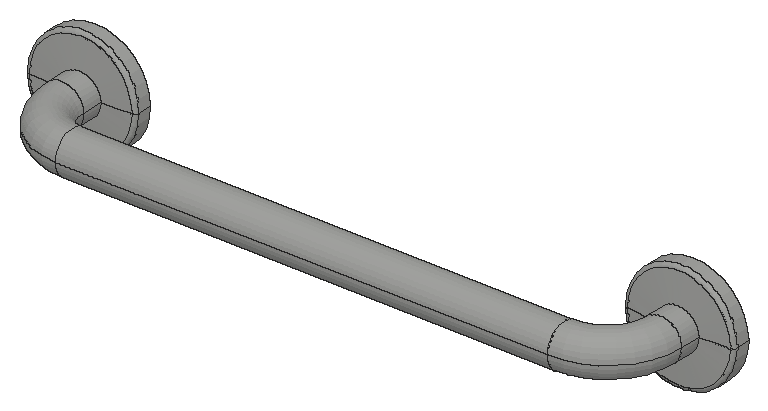
Revit family "RBA4806-Straight-Series", category Plumbing Fixtures, Revit 2021
Family settings
  Round Connector Dimension = Use Diameter
  Part Type = Normal
  Work Plane-Based = No
  Always vertical = Yes
  Cut with Voids When Loaded = No
  Shared = No
  Room Calculation Point = No
Parameters (values of type "RBA4806-045")
  Watermarked By = "www.rba.com.au"
  URL = "www.rba.com.au"
  Phone Number = ""
  OFFSET [instance] = 800 mm
  Modified Issue = "20191004.01"
  Model = "RBA4000-045"
  Materials and Finishes = Brushed Gunmetal
  Manufacturer = "RBA Group"  # constant formula
  Lgth = 450 mm
  Diameter = 32 mm
  Description = "Straight Grab Rail 450mm"
  Default Elevation = 0 mm
  Copyright by = "RBA Group"  # constant formula
Types (9, lengths in mm): name | URL | Phone Number | Modified Issue | Model | Lgth | Description
  RBA4806-030 | "www.rba.com.au" | "" | "20190510.1" | "RBA4000-030" | 300 | "Straight Grab Rail 300mm"
  RBA4806-045 | "www.rba.com.au" | "" | "20191004.01" | "RBA4000-045" | 450 | "Straight Grab Rail 450mm"
  RBA4806-060 | "www.rba.com.au" | "" | "20191004.01" | "RBA4801-Straight-Series" | 600 | "RTA SSS Straight Grabrail"
  RBA4806-070 | "www.rba.com.au" | "" | "20191004.01" | "RBA4000-075" | 700 | "Straight Grab Rail 750mm"
  RBA4806-090 | "www.rba.com.au" | "" | "20191004.01" | "RBA4000-090" | 900 | "Straight Grab Rail 900mm"
  RBA4806-080 | "http://www.rba.com.au/accessible-disabled/grab-rails" | "1300 788 778" | "20191004.01" | "RBA4000-080" | 800 | "Straight Grab Rail 800mm"
  RBA4806-100 | "http://www.rba.com.au/accessible-disabled/grab-rails" | "1300 788 778" | "20191004.01" | "RBA4000-100" | 1000 | "Straight Grab Rail 1000mm"
  RBA4806-120 | "http://www.rba.com.au/accessible-disabled/grab-rails" | "1300 788 778" | "20191004.01" | "RBA4000-120" | 1200 | "Straight Grab Rail 1200mm"
  RBA4806-040 | "www.rba.com.au" | "" | "20191108.1" | "RBA4000-040" | 400 | "Straight Grab Rail 400mm"
Reference planes
  plane 1 "Center (Front/Back)": y = 0
  plane 2: z = 0
  plane 3 "Center (Left/Right)": x = 0
  plane 4: x = 0
  plane 5: x = 0
  plane 6: y = -57
  plane 7: y = -89
  plane 8: x = 450
  plane 9: z = 16
  plane 10: z = -16
Forms (mm)
  Sweep 1, solid, material "Brushed Gunmetal" <- "Materials and Finishes"
    path origin (-273.954, -750, 0) x (0, -1, 0) y (1, 0, 0)
      loop
        line (-740, 723.954) -> (-719, 723.954)
        arc (-719, 723.954) -> (-690.716, 712.239) -> (-679, 683.954) r 40
        line (-679, 683.954) -> (-679, 313.954)
        arc (-679, 313.954) -> (-690.716, 285.67) -> (-719, 273.954) r 40
        line (-719, 273.954) -> (-740, 273.954)
    profile origin (225, -71, 0) x (0, -1, 0) y (0, 0, 1)
      loop
        circle (0, 0) r 16
  Extrusion 2, solid, material "Brushed Gunmetal" <- "Materials and Finishes"
    sketch origin (62.5, -2.628, -315.907) x (0, 0, 1) y (1, 0, 0)
      loop
        circle (315.907, -62.5) r 40
    from -0.206 to 2.628
  Revolve 3, solid, material "Brushed Gunmetal" <- "Materials and Finishes"
    sketch origin (62.5, 18.663, 0) x (-1, 0, 0) y (0, -1, 0)
      loop
        line (62.5, 18.663) -> (104, 18.663) -> (104, 28.968)
        arc (104, 28.968) -> (103.207, 31.014) -> (101.243, 31.992) r 3.037
        arc (101.243, 31.992) -> (81.892, 33.334) -> (62.5, 33.781) r 420.249
        line (62.5, 33.781) -> (62.5, 18.663)
      axis (62.5, 18.663) -> (62.5, 33.781)
    angle from 0 to 360
  Extrusion 4, void
    sketch origin (62.704, 34.941, -270.785) x (-0.515038, 0, 0.857167) y (0.857167, 0, 0.515038)
      loop
        circle (248.952, 111.432) r 4.75
      loop
        circle (279.854, 60.002) r 4.75
    from -37.775 to -34.941
  Extrusion 5, solid, material "Brushed Gunmetal" <- "Materials and Finishes"
    sketch origin (237.5, -2.628, -315.907) x (0, 0, 1) y (1, 0, 0)
      loop
        circle (315.907, 212.5) r 40
    from -0.206 to 2.628
  Revolve 6, solid, material "Brushed Gunmetal" <- "Materials and Finishes"
    sketch origin (237.5, 18.663, 0) x (-1, 0, 0) y (0, -1, 0)
      loop
        line (-212.5, 18.663) -> (-212.5, 33.781)
        arc (-212.5, 33.781) -> (-231.892, 33.334) -> (-251.243, 31.992) r 420.249
        arc (-251.243, 31.992) -> (-253.207, 31.014) -> (-254, 28.968) r 3.037
        line (-254, 28.968) -> (-254, 18.663) -> (-212.5, 18.663)
      axis (-212.5, 18.663) -> (-212.5, 33.781)
    angle from 0 to 360
  Extrusion 7, void
    sketch origin (362.704, 34.941, -270.785) x (-0.515038, 0, 0.857167) y (0.857167, 0, 0.515038)
      loop
        circle (202.599, 188.577) r 4.75
      loop
        circle (171.696, 240.007) r 4.75
    from -37.775 to -34.941
Cuts and joins
  Extrusion 7 cuts Sweep 1
  Extrusion 4, Extrusion 7 cuts Extrusion 2
  Extrusion 4, Extrusion 7 cuts Revolve 3
  Extrusion 7 cuts Extrusion 5
  Extrusion 7 cuts Revolve 6
  joined: Sweep 1, Extrusion 2, Revolve 3, Extrusion 5, Revolve 6
Dimensions and locks
  "Lgth": plane 3 "Center (Left/Right)" to plane 8
  radius of Sweep 1 sketch curve = 16 mm
  aligned and locked: level to plane 2
  aligned and locked: Revolve 3 to Extrusion 2
  aligned and locked: Extrusion 2 to Extrusion 4
  aligned and locked: Revolve 6 to Extrusion 5
Automatic sketch dimensions
  Sweep 1 sketch curve to plane 8 = 0 mm
  Sweep 1 sketch curve to plane 3 "Center (Left/Right)" = 0 mm
  plane 6 to Sweep 1 sketch curve = 26 mm  (x2)
  Sweep 1 sketch curve to plane 6 = 14 mm
  plane 1 "Center (Front/Back)" to Sweep 1 sketch curve = 10 mm  (x2)
  Sweep 1 sketch curve to profile plane = 0 mm  (x2)
  Extrusion 2 sketch curve to level = 0 mm
  Extrusion 2 sketch curve to plane 3 "Center (Left/Right)" = 0 mm
  plane 1 "Center (Front/Back)" to Revolve 3 sketch curve = 0 mm
  Revolve 3 sketch curve to plane 3 "Center (Left/Right)" = 0 mm  (x2)
  plane 1 "Center (Front/Back)" to Revolve 3 sketch curve = 10.305 mm
  Revolve 3 sketch curve to plane 3 "Center (Left/Right)" = 38.463 mm
  Revolve 3 sketch curve to Revolve 3 sketch curve = 3.037 mm
  Revolve 3 sketch curve to plane 1 "Center (Front/Back)" = 405.131 mm
  Revolve 3 sketch curve to Revolve 3 sketch curve = 15.118 mm
  Revolve 3 sketch curve to plane 1 "Center (Front/Back)" = 21.537 mm
  Revolve 3 sketch curve to Revolve 3 sketch curve = 0 mm
  plane 6 to Revolve 3 sketch curve = 13.537 mm
  Extrusion 5 sketch curve to level = 0 mm
  plane 8 to Extrusion 5 sketch curve = 0 mm
  plane 1 "Center (Front/Back)" to Revolve 6 sketch curve = 0 mm
  Revolve 6 sketch curve to plane 8 = 0 mm  (x2)
  plane 1 "Center (Front/Back)" to Revolve 6 sketch curve = 10.305 mm
  Revolve 6 sketch curve to plane 8 = 38.463 mm
  Revolve 6 sketch curve to Revolve 6 sketch curve = 3.037 mm
  Revolve 6 sketch curve to plane 1 "Center (Front/Back)" = 405.131 mm
  Revolve 6 sketch curve to Revolve 6 sketch curve = 15.118 mm
  Revolve 6 sketch curve to plane 1 "Center (Front/Back)" = 21.537 mm
  Revolve 6 sketch curve to Revolve 6 sketch curve = 0 mm
  plane 6 to Revolve 6 sketch curve = 13.537 mm
  Extrusion 7 sketch curve to level = 0 mm  (x2)
  Extrusion 7 sketch curve to plane 8 = 30 mm
  Extrusion 7 sketch curve to Extrusion 7 sketch curve = 30.902 mm
  Extrusion 4 sketch curve to level = 0 mm  (x2)
  plane 3 "Center (Left/Right)" to Extrusion 4 sketch curve = 30 mm
  Extrusion 4 sketch curve to Extrusion 4 sketch curve = 30.902 mm
  radius of Extrusion 2 sketch curve = 40 mm
  radius of Extrusion 5 sketch curve = 40 mm
  radius of Extrusion 7 sketch curve = 4.75 mm  (x2)
  radius of Extrusion 4 sketch curve = 4.75 mm  (x2)
